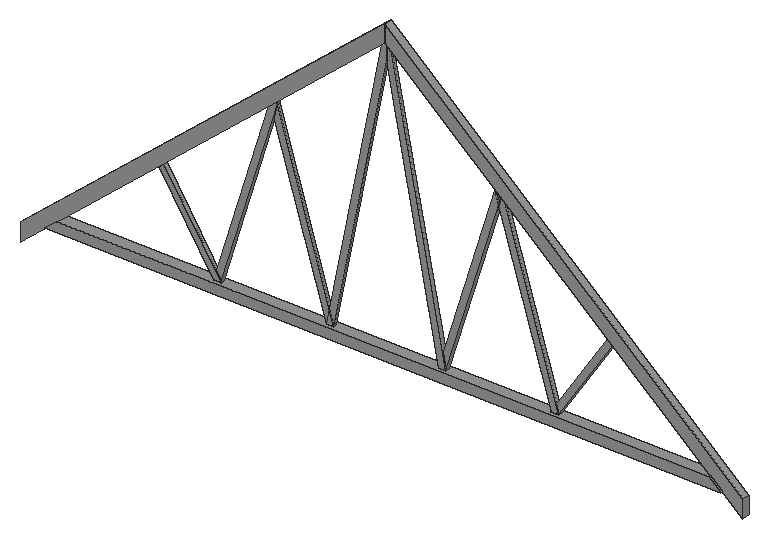
Revit family "DoubleFinkTruss", category Structural Framing, Revit 2021
Family settings
  Section Shape = Not Defined
  Material for Model Behavior = Wood
  Always export as geometry = No
  OmniClass Number = 23.25.30.21.14
  OmniClass Title = Trussed Beams and Joists
  Work Plane-Based = No
  Always vertical = Yes
  Cut with Voids When Loaded = No
  Symbolic Representation = From Family
  Shared = No
  Show family pre-cut in plan views = Yes
Parameters
  WebWidth [instance] = 50 mm
  TopWidth [instance] = 100 mm
  WebDepth [instance] = 100 mm
  Structural Material [instance] = Poche
  SpanleftMini [instance] = SpanLeft / 12  # 416.667 mm
  SpanRightMini [instance] = SpanRight / 12  # 416.667 mm
  SpanRight [instance] = 5000 mm
  SpanLeft [instance] = 5000 mm
  Span [instance] = SpanLeft + SpanRight  # 10000 mm
  SlopeRight [instance] = 40.00°
  SlopeLeft [instance] = 40.00°
  OverhangRight [instance] = 400 mm
  OverhangLeft [instance] = 300 mm
  BottomWidth [instance] = 180 mm
  BottomDepth [instance] = 150 mm
  TopDepth [instance] = 200 mm
Reference planes
  plane 1 "Center (Front/Back)": y = 0
  plane 2: z = 0
  plane 3 "Center (Left/Right)": x = 0
  plane 4: x = 5000
  plane 5: x = 5300
  plane 6: x = -5000
  plane 7: x = -5400
  plane 8: z = 150
  plane 9: x = -1666.667
  plane 10: x = -3333.333
  plane 11: x = 1666.667
  plane 12: x = 3333.333
  plane 13: x = -833.333
  plane 14: x = -2500
  plane 15: x = 833.333
  plane 16: x = 2500
  plane 17: x = -4166.667
  plane 18: x = 4166.667
Forms (mm)
  Extrusion 1, solid, material "Cherry"
    sketch origin (0, 0, 0) x (1, 0, 0) y (0, 0, 1)
      loop
        line (-5000, 0) -> (5000, 0) -> (4821.237, 150) -> (-4821.237, 150) -> (-5000, 0)
    from -90 to 90
  Extrusion 2, solid, material "Cherry"
    sketch origin (0, 0, 0) x (1, 0, 0) y (0, 0, 1)
      loop
        line (-61.717, 4143.711) -> (-884.383, 150) -> (-782.284, 150) -> (0, 3947.672) -> (0, 4195.498) -> (-61.717, 4143.711)
    from -25 to 25
  Extrusion 3, solid, material "Cherry"
    sketch origin (0, 0, 0) x (1, 0, 0) y (0, 0, 1)
      loop
        line (0, 3947.672) -> (782.284, 150) -> (884.383, 150) -> (61.717, 4143.711) -> (0, 4195.498) -> (0, 3947.672)
    from -25 to 25
  Extrusion 4, solid, material "Cherry"
    sketch origin (0, 0, 0) x (1, 0, 0) y (0, 0, 1)
      loop
        line (780.914, 150) -> (885.753, 150) -> (1708.132, 2762.205) -> (1625.201, 2831.792) -> (780.914, 150)
    from -25 to 25
  Extrusion 5, solid, material "Cherry"
    sketch origin (0, 0, 0) x (1, 0, 0) y (0, 0, 1)
      loop
        line (-1595.429, 2856.775) -> (-1737.905, 2737.223) -> (-2552.419, 150) -> (-2447.581, 150) -> (-1595.429, 2856.775)
    from -25 to 25
  Extrusion 6, solid, material "Cherry"
    sketch origin (0, 0, 0) x (1, 0, 0) y (0, 0, 1)
      loop
        line (1737.905, 2737.223) -> (1595.429, 2856.775) -> (2447.581, 150) -> (2552.419, 150) -> (1737.905, 2737.223)
    from -25 to 25
  Extrusion 7, solid, material "Cherry"
    sketch origin (0, 0, 0) x (1, 0, 0) y (0, 0, 1)
      loop
        line (5300, -251.73) -> (5300, 9.352) -> (0, 4456.58) -> (0, 4195.498) -> (5300, -251.73)
    from -50 to 50
  Extrusion 8, solid, material "Cherry"
    sketch origin (0, 0, 0) x (1, 0, 0) y (0, 0, 1)
      loop
        line (-5400, -335.64) -> (0, 4195.498) -> (0, 4456.58) -> (-5400, -74.558) -> (-5400, -335.64)
    from -50 to 50
  Extrusion 9, solid, material "Cherry"
    sketch origin (0, 0, 0) x (1, 0, 0) y (0, 0, 1)
      loop
        line (-2439.885, 150) -> (-3294.8, 1430.833) -> (-3371.867, 1366.166) -> (-2560.115, 150) -> (-2439.885, 150)
    from -25 to 25
  Extrusion 10, solid, material "Cherry"
    sketch origin (0, 0, 0) x (1, 0, 0) y (0, 0, 1)
      loop
        line (2560.115, 150) -> (3371.867, 1366.166) -> (3294.8, 1430.833) -> (2439.885, 150) -> (2560.115, 150)
    from -25 to 25
  Extrusion 11, solid, material "Cherry"
    sketch origin (0, 0, 0) x (1, 0, 0) y (0, 0, 1)
      loop
        line (-780.914, 150) -> (-1625.201, 2831.792) -> (-1708.132, 2762.205) -> (-885.753, 150) -> (-780.914, 150)
    from -25 to 25
Lines and regions (mm)
  reference lines
    curve 1: line (5000, 0, 0) -> (0, 0, 4195.498)
    curve 2: line (5311.145, 0, 0) -> (120, 0, 4355.888)
    curve 3: line (-5000, 0, 0) -> (0, 0, 4195.498)
    curve 4: line (-5122.147, 0, 158.588) -> (-162.055, 0, 4320.599)
    curve 5: line (0, 50, 1645.888) -> (0, 50, -804.112)
    curve 6: line (0, -50, 1645.888) -> (0, -50, -804.112)
    curve 7: line (0, -25, 1645.888) -> (0, -25, -804.112)
    curve 8: line (0, -90, 1645.888) -> (0, -90, -804.112)
    curve 9: line (0, 25, 1645.888) -> (0, 25, -804.112)
    curve 10: line (0, 90, 1645.888) -> (0, 90, -804.112)
    curve 11: line (0, 0, 4195.498) -> (-833.333, 0, 150)
    curve 12: line (-833.333, 0, 150) -> (-1666.667, 0, 2796.999)
    curve 13: line (-1666.667, 0, 2796.999) -> (-2500, 0, 150)
    curve 14: line (-2500, 0, 150) -> (-3333.333, 0, 1398.499)
    curve 15: line (0, 0, 4195.498) -> (833.333, 0, 150)
    curve 16: line (833.333, 0, 150) -> (1666.667, 0, 2796.999)
    curve 17: line (1666.667, 0, 2796.999) -> (2500, 0, 150)
    curve 18: line (2500, 0, 150) -> (3333.333, 0, 1398.499)
    curve 19: line (1763.839, 0, 2654.844) -> (2547.93, 0, 164.259)
    curve 20: line (1569.494, 0, 2939.153) -> (2452.07, 0, 135.741)
    curve 21: line (785.403, 0, 164.259) -> (1569.494, 0, 2654.844)
    curve 22: line (881.264, 0, 135.741) -> (1763.839, 0, 2939.153)
    curve 23: line (98.396, 0, 3965.651) -> (880.709, 0, 167.838)
    curve 24: line (-98.396, 0, 4425.345) -> (785.958, 0, 132.162)
    curve 25: line (-98.396, 0, 3965.651) -> (-880.709, 0, 167.838)
    curve 26: line (98.396, 0, 4425.345) -> (-785.958, 0, 132.162)
    curve 27: line (-785.403, 0, 164.259) -> (-1569.494, 0, 2654.844)
    curve 28: line (-881.264, 0, 135.741) -> (-1763.839, 0, 2939.153)
    curve 29: line (-1763.839, 0, 2654.844) -> (-2547.93, 0, 164.259)
    curve 30: line (-1569.494, 0, 2939.153) -> (-2452.07, 0, 135.741)
    curve 31: line (2476.718, 0, 205.182) -> (3245.135, 0, 1356.425)
    curve 32: line (2462.22, 0, 3.334) -> (3421.531, 0, 1440.574)
    curve 33: line (-2476.718, 0, 205.182) -> (-3245.135, 0, 1356.425)
    curve 34: line (-2462.22, 0, 3.334) -> (-3421.531, 0, 1440.574)
Dimensions and locks
  "OverhangLeft": plane 4 to plane 5
  "OverhangRight": plane 6 to plane 7
  "SpanRight": plane 3 "Center (Left/Right)" to plane 6
  "SpanLeft": plane 3 "Center (Left/Right)" to plane 4
  "BottomDepth": level to plane 8
  "TopDepth": curve 1 to curve 2
  "TopDepth": curve 4 to curve 3
  equal spacing: curve 5, plane 1 "Center (Front/Back)", curve 6
  "TopWidth": curve 5 to curve 6
  equal spacing: curve 9, plane 1 "Center (Front/Back)", curve 7
  equal spacing: curve 10, plane 1 "Center (Front/Back)", curve 8
  "WebWidth": curve 9 to curve 7
  "BottomWidth": curve 10 to curve 8
  plane 3 "Center (Left/Right)" to plane 15 to plane 11 to plane 16 to plane 12 to plane 18 to plane 4 = 833.333 mm, 833.333 mm, 833.333 mm, 833.333 mm, 833.333 mm, 833.333 mm
  plane 3 "Center (Left/Right)" to plane 13 to plane 9 to plane 14 to plane 10 to plane 17 to plane 6 = 833.333 mm, 833.333 mm, 833.333 mm, 833.333 mm, 833.333 mm, 833.333 mm
  equal spacing: curve 19, curve 17, curve 20
  equal spacing: curve 21, curve 16, curve 22
  equal spacing: curve 23, curve 15, curve 24
  equal spacing: curve 26, curve 11, curve 25
  equal spacing: curve 28, curve 12, curve 27
  equal spacing: curve 30, curve 13, curve 29
  "WebDepth": curve 19 to curve 20
  "WebDepth": curve 21 to curve 22
  "WebDepth": curve 23 to curve 24
  "WebDepth": curve 26 to curve 25
  "WebDepth": curve 28 to curve 27
  "WebDepth": curve 30 to curve 29
  equal spacing: plane 3 "Center (Left/Right)", plane 13, plane 9, plane 14, plane 10, plane 17, plane 6
  equal spacing: plane 3 "Center (Left/Right)", plane 15, plane 11, plane 16, plane 12, plane 18, plane 4
  equal spacing: curve 32, curve 18, curve 31
  equal spacing: curve 33, curve 14, curve 34
  "WebDepth": curve 32 to curve 31
  "WebDepth": curve 33 to curve 34
  "SlopeLeft": angle level to curve 1
  "SlopeRight": angle curve 3 to level
  aligned and locked: plane 2 to level
  aligned and locked: level to curve 1
  aligned and locked: plane 3 "Center (Left/Right)" to curve 1
  aligned and locked: plane 4 to curve 1
  aligned and locked: plane 6 to curve 3
  aligned and locked: level to Extrusion 1 sketch curve
  aligned and locked: plane 8 to Extrusion 1 sketch curve
  aligned and locked: Extrusion 1 sketch curve to curve 3
  aligned and locked: Extrusion 1 sketch curve to curve 1
  aligned and locked: curve 10 to Extrusion 1
  aligned and locked: Extrusion 1 to curve 8
  aligned and locked: Extrusion 2 sketch curve to curve 25
  aligned and locked: curve 26 to Extrusion 2 sketch curve
  aligned and locked: curve 3 to Extrusion 2 sketch curve
  aligned and locked: plane 3 "Center (Left/Right)" to Extrusion 2 sketch curve
  aligned and locked: Extrusion 1 to Extrusion 2 sketch curve
  aligned and locked: curve 24 to Extrusion 3 sketch curve
  aligned and locked: Extrusion 3 sketch curve to curve 23
  aligned and locked: plane 3 "Center (Left/Right)" to Extrusion 3 sketch curve
  aligned and locked: Extrusion 1 to Extrusion 3 sketch curve
  aligned and locked: curve 1 to Extrusion 3 sketch curve
  aligned and locked: Extrusion 4 sketch curve to curve 21
  aligned and locked: curve 22 to Extrusion 4 sketch curve
  aligned and locked: curve 1 to Extrusion 4 sketch curve
  aligned and locked: Extrusion 1 to Extrusion 4 sketch curve
  aligned and locked: Extrusion 3 to Extrusion 2  (x2)
  aligned and locked: Extrusion 2 to Extrusion 4
  aligned and locked: Extrusion 4 to Extrusion 2
  aligned and locked: curve 30 to Extrusion 5 sketch curve
  aligned and locked: Extrusion 5 sketch curve to curve 29
  aligned and locked: curve 3 to Extrusion 5 sketch curve
  aligned and locked: Extrusion 1 to Extrusion 5 sketch curve
  aligned and locked: Extrusion 6 sketch curve to curve 19
  aligned and locked: curve 20 to Extrusion 6 sketch curve
  aligned and locked: Extrusion 1 to Extrusion 6 sketch curve
  aligned and locked: curve 1 to Extrusion 6 sketch curve
  aligned and locked: Extrusion 2 to Extrusion 5
  aligned and locked: Extrusion 5 to Extrusion 2
  aligned and locked: Extrusion 2 to Extrusion 6
  aligned and locked: Extrusion 6 to Extrusion 2
  aligned and locked: Extrusion 7 sketch curve to curve 1
  aligned and locked: curve 2 to Extrusion 7 sketch curve
  aligned and locked: Extrusion 7 sketch curve to plane 3 "Center (Left/Right)"
  aligned and locked: Extrusion 7 sketch curve to plane 5
  aligned and locked: Extrusion 8 sketch curve to curve 3
  aligned and locked: Extrusion 8 sketch curve to curve 4
  aligned and locked: Extrusion 8 sketch curve to plane 3 "Center (Left/Right)"
  aligned and locked: plane 7 to Extrusion 8 sketch curve
  aligned and locked: Extrusion 8 to curve 5
  aligned and locked: Extrusion 8 to curve 6
  aligned and locked: Extrusion 7 to curve 5
  aligned and locked: Extrusion 7 to curve 6
  aligned and locked: Extrusion 9 sketch curve to curve 33
  aligned and locked: curve 34 to Extrusion 9 sketch curve
  aligned and locked: Extrusion 8 to Extrusion 9 sketch curve
  aligned and locked: Extrusion 1 to Extrusion 9 sketch curve
  aligned and locked: curve 32 to Extrusion 10 sketch curve
  aligned and locked: Extrusion 10 sketch curve to curve 31
  aligned and locked: Extrusion 7 to Extrusion 10 sketch curve
  aligned and locked: Extrusion 1 to Extrusion 10 sketch curve
  aligned and locked: curve 9 to Extrusion 9
  aligned and locked: Extrusion 9 to curve 7
  aligned and locked: curve 9 to Extrusion 10
  aligned and locked: Extrusion 10 to curve 7
  aligned and locked: Extrusion 11 sketch curve to curve 27
  aligned and locked: curve 28 to Extrusion 11 sketch curve
  aligned and locked: Extrusion 8 to Extrusion 11 sketch curve
  aligned and locked: Extrusion 1 to Extrusion 11 sketch curve
  aligned and locked: Extrusion 11 to curve 9
  aligned and locked: Extrusion 11 to curve 7
  aligned and locked: Extrusion 5 to curve 9
  aligned and locked: Extrusion 5 to curve 7
Automatic sketch dimensions
  level to curve 10 = 804.112 mm
  curve 5 to curve 10 = 0 mm
  curve 8 to curve 5 = 0 mm
  curve 8 to curve 6 = 0 mm  (x2)
  curve 8 to curve 7 = 0 mm  (x2)
  curve 9 to curve 10 = 0 mm  (x2)
  curve 6 to plane 8 = 1495.888 mm
  curve 6 to curve 9 = 0 mm
  curve 5 to curve 9 = 0 mm
  plane 10 to curve 14 = 0 mm
  curve 13 to plane 8 = 0 mm
  plane 14 to curve 13 = 0 mm
  plane 9 to curve 13 = 0 mm
  curve 12 to plane 8 = 0 mm
  plane 13 to curve 12 = 0 mm
  curve 16 to plane 8 = 0 mm
  curve 16 to plane 15 = 0 mm
  curve 16 to plane 11 = 0 mm
  curve 18 to plane 8 = 0 mm
  curve 18 to plane 16 = 0 mm
  curve 18 to plane 12 = 0 mm
  curve 2 to level = 0 mm
  curve 4 to plane 8 = 8.588 mm
  plane 10 to curve 34 = 88.198 mm
  curve 33 to plane 10 = 88.198 mm
  curve 29 to plane 8 = 14.259 mm
  curve 33 to plane 14 = 23.282 mm
  curve 34 to level = 3.334 mm
  plane 8 to curve 30 = 14.259 mm
  plane 9 to curve 28 = 97.173 mm
  plane 9 to curve 29 = 97.173 mm
  curve 30 to plane 9 = 97.173 mm
  curve 27 to plane 9 = 97.173 mm
  plane 8 to curve 28 = 14.259 mm
  curve 25 to plane 8 = 17.838 mm
  plane 8 to curve 26 = 17.838 mm
  curve 27 to plane 8 = 14.259 mm
  curve 4 to plane 3 "Center (Left/Right)" = 162.055 mm
  curve 25 to plane 3 "Center (Left/Right)" = 98.396 mm
  curve 24 to plane 3 "Center (Left/Right)" = 98.396 mm
  plane 3 "Center (Left/Right)" to curve 23 = 98.396 mm
  plane 3 "Center (Left/Right)" to curve 26 = 98.396 mm
  curve 26 to curve 2 = 21.604 mm
  curve 21 to plane 8 = 14.259 mm
  plane 8 to curve 24 = 17.838 mm
  curve 23 to plane 8 = 17.838 mm
  plane 8 to curve 22 = 14.259 mm
  curve 20 to plane 11 = 97.173 mm
  curve 21 to plane 11 = 97.173 mm
  plane 11 to curve 22 = 97.173 mm
  plane 11 to curve 19 = 97.173 mm
  plane 8 to curve 20 = 14.259 mm
  curve 32 to level = 3.334 mm
  curve 31 to plane 16 = 23.282 mm
  curve 19 to plane 8 = 14.259 mm
  curve 31 to plane 12 = 88.198 mm
  plane 12 to curve 32 = 88.198 mm
